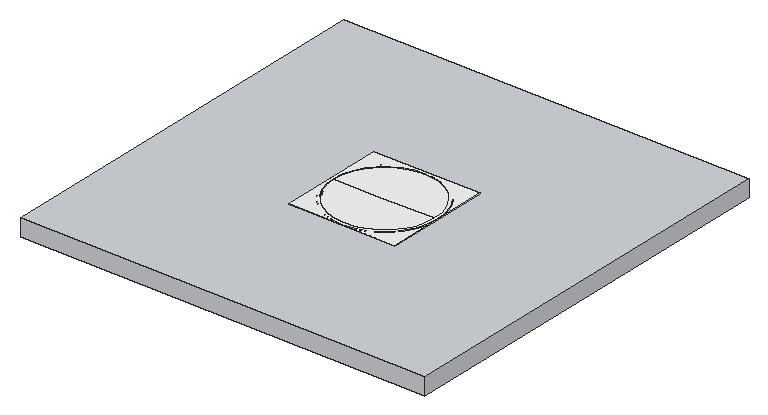
Revit family
Parameters (values of type "2"")
  WFU = 0
  URL = "WWW.MIFAB.COM"
  Pipe Radius = Pipe Diameter / 2  # 1.00"
  Pipe Diameter = 2.00"
  Model = "F1660"
  Manufacturer = "MIFAB"
  Floor Drain Material = Coated – Acid Resistant – Porcelain Enamel - Nickel Bronze
  Description = "24\" LARGE CAPACITY FLUSHING RIM FLOOR DRAIN"
  Default Elevation = 0.00"
  Body Height = 12.75"
Types (6): name | Pipe Radius | Pipe Diameter | Body Height
  (no name) | 1.00" | 2.00" | 12.75"
  2" | 1.00" | 2.00" | 12.75"
  3" | 1.50" | 3.00" | 12.75"
  4" | 2.00" | 4.00" | 12.75"
  5" | 2.50" | 5.00" | 12.75"
  6" | 3.00" | 6.00" | 14.63"
Reference planes (in)
  plane 1 "Center (Front/Back)": y = 0
  plane 2: z = 0
  plane 3 "Center (Left/Right)": x = 0
  plane 4: y = 12.65
  plane 5: y = -12.65
  plane 6: x = -12.65
  plane 7: x = 12.65
  plane 8: x = -12.05
  plane 9: x = 12.05
  plane 10: z = -12.75
  plane 11: x = -1
  plane 12: x = 1
  plane 13: x = -6
  plane 14: z = -1
  plane 15: z = -0.5
  plane 16: x = -5.35
Forms (in)
  Extrusion 1, solid
    sketch origin (0, 0, 0) x (1, 0, 0) y (0, 1, 0)
      loop
        line (-48, 48) -> (-48, -48) -> (48, -48) -> (48, 48) -> (-48, 48)
    from 0 to -4
  Extrusion 2, solid, material "Coated – Acid Resistant – Porcelain Enamel - Nickel Bronze" <- "Floor Drain Material"
    sketch origin (0, 0, 0) x (1, 0, 0) y (0, 1, 0)
      loop
        line (-12.65, -12.65) -> (12.65, -12.65) -> (12.65, 12.65) -> (-12.65, 12.65) -> (-12.65, -12.65)
      loop
        circle (0, 0) r 12.05
    from -0.5 to 0
  Revolve 3, solid, material "Coated – Acid Resistant – Porcelain Enamel - Nickel Bronze" <- "Floor Drain Material"
    sketch origin (0, 0, 0) x (1, 0, 0) y (0, 0, 1)
      loop
        arc (-12.65, -0.5) -> (-10.55867, -6.80024) -> (-5.22331, -10.75) r 11
        line (-5.22331, -10.75) -> (-1.3, -10.75) -> (-1.3, -12.75) -> (-1, -12.75) -> (-1, -10.45456) -> (-5.35, -10.45456)
        arc (-5.35, -10.45456) -> (-9.90146, -6.6322) -> (-11.8, -1) r 11
        line (-11.8, -1) -> (-11.8, -0.5) -> (0, -0.5) -> (0, 0) -> (-12.65, 0) -> (-12.65, -0.5)
      axis (0, 0) -> (0, -12.75)
    angle from 0 to 360
Lines and regions (in)
  symbolic lines
    curve 1: line (-12.65, 12.65, 0) -> (12.65, 12.65, 0)
    curve 2: line (-12.65, -12.65, 0) -> (-12.65, 12.65, 0)
    curve 3: line (12.65, -12.65, 0) -> (-12.65, -12.65, 0)
    curve 4: line (12.65, 12.65, 0) -> (12.65, -12.65, 0)
    curve 5: circle (0, 0, 0) r 12.65 normal (0, 0, 1)
    curve 6: circle (0, 0, 0) r 12.05 normal (0, 0, 1)
Dimensions and locks (in)
  equal spacing: plane 4, plane 1 "Center (Front/Back)", plane 5
  equal spacing: plane 6, plane 3 "Center (Left/Right)", plane 7
  equal spacing: plane 9, plane 3 "Center (Left/Right)", plane 8
  plane 9 to plane 8 = 24.10"
  "Body Height": Extrusion 1 to plane 10
  equal spacing: plane 12, plane 3 "Center (Left/Right)", plane 11
  "Pipe Diameter": plane 12 to plane 11
  locked: plane 3 "Center (Left/Right)" to plane 13 at 6
  Extrusion 1 to plane 14 = 1.00"
  Revolve 3 sketch curve to plane 11 = 0.30"
  locked: plane 16 to Revolve 3 sketch curve at 5.35
  plane 14 to plane 15 to plane 2 = 0.50", 0.50"
  locked: plane 6 to plane 7 at 25.3
  locked: plane 4 to plane 5 at 25.3
  radius of Revolve 3 sketch curve = 11.00"  (x2)
  radius of Extrusion 2 sketch curve = 12.05"
  aligned and locked: plane 2 to Extrusion 1
  aligned and locked: level to Extrusion 1
  aligned and locked: plane 5 to Extrusion 2 sketch curve
  aligned and locked: Extrusion 2 sketch curve to plane 6
  aligned and locked: plane 4 to Extrusion 2 sketch curve
  aligned and locked: Extrusion 2 sketch curve to plane 7
  aligned and locked: Extrusion 2 to plane 15
  aligned and locked: level to Extrusion 2
  aligned and locked: plane 15 to Revolve 3 sketch curve  (x2)
  aligned and locked: plane 6 to Revolve 3 sketch curve
  aligned and locked: Revolve 3 sketch curve to plane 10
  aligned and locked: plane 16 to Revolve 3 sketch curve
  aligned and locked: Revolve 3 sketch curve to Extrusion 1
  aligned and locked: plane 11 to Revolve 3 sketch curve
Automatic sketch dimensions
  Extrusion 1 sketch curve to Extrusion 1 sketch curve = 96.00"  (x2)
  plane 1 "Center (Front/Back)" to Extrusion 2 sketch curve = 0.00"
  Extrusion 2 sketch curve to plane 3 "Center (Left/Right)" = 0.00"
  Revolve 3 sketch curve to plane 14 = 0.00"
  Revolve 3 sketch curve to plane 3 "Center (Left/Right)" = 0.00"
  plane 8 to Revolve 3 sketch curve = 0.25"
  Revolve 3 sketch curve to plane 16 = 0.12669"
  plane 15 to Revolve 3 sketch curve = 0.1538"
  plane 15 to Revolve 3 sketch curve = 0.06694"
  Revolve 3 sketch curve to plane 10 = 11.25"
  Revolve 3 sketch curve to Revolve 3 sketch curve = 102.71882"
  curve 5 to curve 6 = 0.00"  (x2)
  curve 1 to plane 4 = 0.00"
  curve 1 to plane 6 = 0.00"
  plane 1 "Center (Front/Back)" to curve 5 = 0.00"
  curve 5 to plane 3 "Center (Left/Right)" = 0.00"
  plane 5 to curve 4 = 0.00"
  curve 4 to plane 7 = 0.00"
  radius of curve 5 = 12.65"
  radius of curve 6 = 12.05"
Connectors (in)
  piping at (0, 0, -12.75), driven by "Pipe Radius", driven by "WFU"
    settings: on Revolve 3, index 1, connector radius 1", flow factor 0, pipe flow 0 GPM, pressure drop 0.00 psi, fitting loss kfactor 0, connector angle 0.00°, fixture units 0, flow configuration 3, flow direction 2, fitting loss method 0, system type 16, connector reference index -1, connector utility 0, adjustable connector no, is connector primary yes, fitting loss table "", connector description "Sanitary Out"
